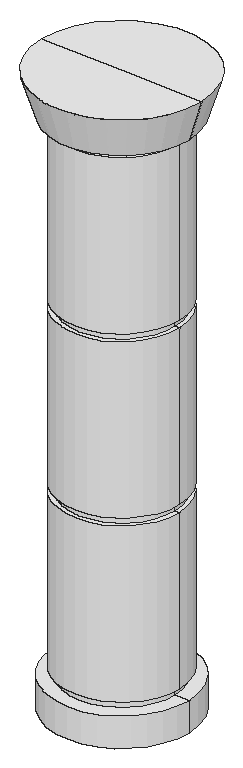
Revit family "M_Metal Clad Column", category 기둥, Revit 2026
Family settings
  로드될 때 보이드를 사용하여 절단 = 아니오
  자동으로 형상을 벽에 결합합니다 = 예
  공유 = 아니오
  평면도에서 미리 절단된 패밀리 표시 = 예
Parameters (values of type "610mm Diameter")
  Base = 152.00 mm
  Capital = 203.00 mm
  Diameter = 610.00 mm
  Material = Metal - Aluminum
  Joint Depth = 25.00 mm
  Joint Width = 38.00 mm
  Offset base level = 0.00 mm
  Offset top level = 0.00 mm
Reference planes
  plane 1: y = 0
  plane 2: z = 0
  plane 3: x = 0
  plane 4: x = -305
  plane 5: x = 305
  plane 6: y = 305
  plane 7: y = -305
  plane 8: z = 152
  plane 9: z = 171
  plane 10: z = 190
  plane 11: z = 2778
  plane 12: z = 2797
  plane 13: z = 2759
  plane 14: z = 1909
  plane 15: z = 1040
  plane 16: z = 3000
  plane 17: z = 0
Forms (mm)
  Revolve 1, solid, material "Metal - Aluminum" <- "Material"
    sketch origin (0, 0, 0) x (1, 0, 0) y (0, 0, 1)
      loop
        line (0, 0) -> (-355.8, 0) -> (-355.8, 152) -> (-280, 152) -> (-280, 190) -> (-305, 190) -> (-305, 1021) -> (-280, 1021) -> (-280, 1059) -> (-305, 1059) -> (-305, 1890) -> (-280, 1890) -> (-280, 1928) -> (-305, 1928) -> (-305, 2759) -> (-280, 2759) -> (-280, 2797) -> (-355.8, 2797) -> (-419.3, 3000) -> (0, 3000)
      axis (0, 3000) -> (0, 0)
    angle from 0 to 360
Lines and regions (mm)
  symbolic lines, style "Columns"
    curve 1: arc (-280, 0, 0) -> (0, 280, 0) -> (280, 0, 0) r 280
    curve 2: arc (280, 0, 0) -> (0, -280, 0) -> (-280, 0, 0) r 280
    curve 3: arc (-305, 0, 0) -> (0, 305, 0) -> (305, 0, 0) r 305
    curve 4: arc (305, 0, 0) -> (0, -305, 0) -> (-305, 0, 0) r 305
  symbolic lines
    curve 5: arc (-355.8, 0, 0) -> (0, 355.8, 0) -> (355.8, 0, 0) r 355.8
    curve 6: arc (355.8, 0, 0) -> (0, -355.8, 0) -> (-355.8, 0, 0) r 355.8
Dimensions and locks
  equal spacing: plane 4, plane 3, plane 5
  equal spacing: plane 7, plane 1, plane 6
  "Diameter": plane 4 to plane 5
  "Diameter": plane 7 to plane 6
  equal spacing: plane 12, plane 11, plane 13
  equal spacing: plane 10, plane 9, plane 8
  equal spacing: plane 11, plane 14, plane 15, plane 9
  "Joint Width": plane 12 to plane 13
  equal spacing: Revolve 1 sketch curve, plane 14, Revolve 1 sketch curve
  "Joint Width": Revolve 1 sketch curve to Revolve 1 sketch curve  (x2)
  equal spacing: Revolve 1 sketch curve, plane 15, Revolve 1 sketch curve
  "Joint Width": plane 10 to plane 8
  "Joint Depth": plane 4 to Revolve 1 sketch curve  (x4)
  "Offset base level": plane 17 to level
  "Offset top level": level to plane 16
  "Base": plane 8 to plane 17
  "Capital": plane 16 to plane 12
  aligned and locked: plane 17 to Revolve 1 sketch curve
  aligned and locked: Revolve 1 sketch curve to plane 16
  aligned and locked: curve 1 to Revolve 1
  aligned and locked: curve 3 to Revolve 1
  aligned and locked: curve 5 to Revolve 1
Automatic sketch dimensions
  Revolve 1 sketch curve to plane 8 = 0.00 mm
  Revolve 1 sketch curve to plane 12 = 0.00 mm
  Revolve 1 sketch curve to plane 4 = 0.00 mm  (x3)
  Revolve 1 sketch curve to plane 13 = 0.00 mm
  Revolve 1 sketch curve to plane 10 = 0.00 mm
  Revolve 1 sketch curve to plane 3 = 0.00 mm
  plane 4 to Revolve 1 sketch curve = 114.30 mm
  plane 4 to Revolve 1 sketch curve = 50.80 mm  (x2)
